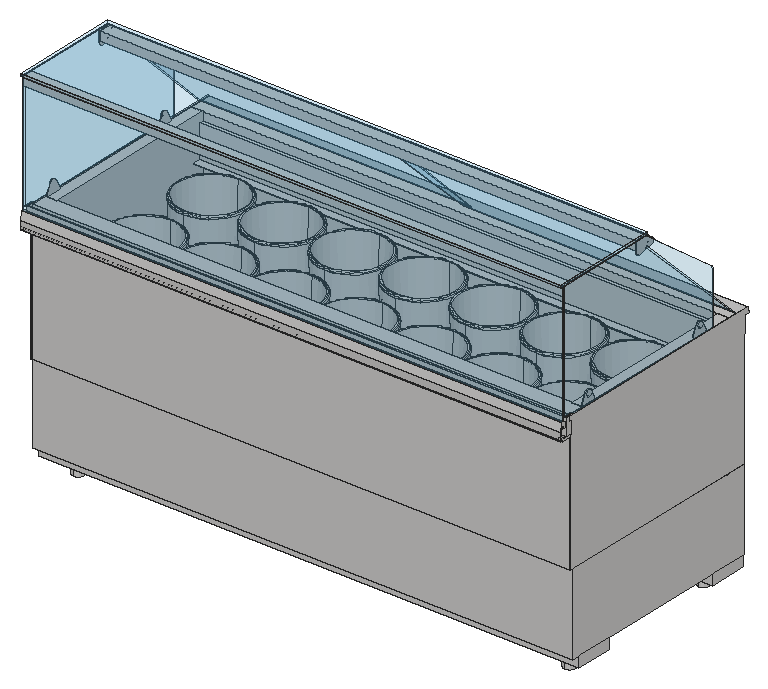
Revit family "Food-Service-Equipment_Oscartek_Gem_Ice-Cream-R4-and-S3", category Specialty Equipment, Revit 2026 (continued)
Automatic sketch dimensions
  Extrusion 30 sketch curve to Extrusion 30 sketch curve = 0.00153"
  Extrusion 30 sketch curve to Extrusion 30 sketch curve = 0.00664"
  Extrusion 30 sketch curve to Extrusion 30 sketch curve = 0.05368"
  Extrusion 30 sketch curve to plane 6 "TOP" = 0.42727"
  Extrusion 30 sketch curve to Extrusion 30 sketch curve = 0.02069"
  Extrusion 30 sketch curve to Extrusion 30 sketch curve = 0.03971"
  Extrusion 30 sketch curve to Extrusion 30 sketch curve = 0.01889"
  Extrusion 31 sketch curve to Extrusion 31 sketch curve = 0"  (x3)
  Extrusion 31 sketch curve to plane 12 = 0"
  Extrusion 31 sketch curve to plane 5 "FRONT" = 0"
  Extrusion 31 sketch curve to plane 5 "FRONT" = 0.06938"
  Extrusion 31 sketch curve to plane 5 "FRONT" = 0.07587"
  Extrusion 31 sketch curve to Extrusion 31 sketch curve = 0.03437"  (x2)
  Extrusion 31 sketch curve to plane 5 "FRONT" = 0.1175"
  Extrusion 31 sketch curve to plane 17 = 0.06499"
  Extrusion 31 sketch curve to plane 5 "FRONT" = 0.14003"
  plane 17 to Extrusion 31 sketch curve = 0.01816"
  Extrusion 31 sketch curve to Extrusion 31 sketch curve = 0.00793"
  Extrusion 31 sketch curve to Extrusion 31 sketch curve = 0.05188"
  Extrusion 31 sketch curve to plane 5 "FRONT" = 0.20663"
  Extrusion 31 sketch curve to Extrusion 31 sketch curve = 0.01278"
  Extrusion 31 sketch curve to Extrusion 31 sketch curve = 0.03407"
  Extrusion 31 sketch curve to plane 5 "FRONT" = 0.25357"
  Extrusion 31 sketch curve to Extrusion 31 sketch curve = 0.01276"
  Extrusion 31 sketch curve to Extrusion 31 sketch curve = 0.10056"
  Extrusion 31 sketch curve to Extrusion 31 sketch curve = 0.04675"
  Extrusion 31 sketch curve to Extrusion 31 sketch curve = 0.07572"
  Extrusion 31 sketch curve to Extrusion 31 sketch curve = 0.1731"
  Extrusion 31 sketch curve to plane 12 = 0.18995"
  Extrusion 31 sketch curve to Extrusion 31 sketch curve = 0.01907"
  Extrusion 31 sketch curve to Extrusion 31 sketch curve = 0.13384"
  Extrusion 31 sketch curve to Extrusion 31 sketch curve = 0.18696"
  Extrusion 31 sketch curve to Extrusion 31 sketch curve = 0.10755"
  Extrusion 31 sketch curve to plane 14 = 0.53135"
  Extrusion 31 sketch curve to Extrusion 31 sketch curve = 0.02039"
  Extrusion 31 sketch curve to Extrusion 31 sketch curve = 0.22589"
  Extrusion 31 sketch curve to plane 14 = 0.53113"
  Extrusion 31 sketch curve to Extrusion 31 sketch curve = 0.05893"  (x2)
  Extrusion 31 sketch curve to Extrusion 31 sketch curve = 0.28363"
  Extrusion 31 sketch curve to Extrusion 31 sketch curve = 0.06122"
  Extrusion 31 sketch curve to plane 17 = 0.06715"
  Extrusion 31 sketch curve to Extrusion 31 sketch curve = 0.09871"
  Extrusion 31 sketch curve to plane 12 = 0.31832"
  Extrusion 31 sketch curve to plane 18 = 0.22334"
  plane 18 to Extrusion 31 sketch curve = 0.0213"
  plane 18 to Extrusion 31 sketch curve = 0.46219"
  Extrusion 31 sketch curve to plane 14 = 97/256"
  Extrusion 31 sketch curve to plane 1 "BACK" = 5.70897"
  Extrusion 31 sketch curve to plane 14 = 0.2917"
  Extrusion 31 sketch curve to plane 14 = 0.2215"
  Extrusion 31 sketch curve to Extrusion 31 sketch curve = 0.00227"
  Extrusion 31 sketch curve to Extrusion 31 sketch curve = 0.06912"
  Extrusion 31 sketch curve to Extrusion 31 sketch curve = 0.06881"
  Extrusion 31 sketch curve to Extrusion 31 sketch curve = 0.01016"
  Extrusion 31 sketch curve to Extrusion 31 sketch curve = 0.1096"
  Extrusion 31 sketch curve to Extrusion 31 sketch curve = 0.00343"
  Extrusion 31 sketch curve to Extrusion 31 sketch curve = 0.32637"
  Extrusion 31 sketch curve to Extrusion 31 sketch curve = 0.00511"
  plane 17 to Extrusion 31 sketch curve = 0.28917"
  plane 17 to Extrusion 31 sketch curve = 0.29346"
  Extrusion 31 sketch curve to Extrusion 31 sketch curve = 0.05905"
  Extrusion 31 sketch curve to Extrusion 31 sketch curve = 0.1574"
  Extrusion 31 sketch curve to Extrusion 31 sketch curve = 0.00014"
  Extrusion 31 sketch curve to Extrusion 31 sketch curve = 0.08809"
  Extrusion 31 sketch curve to Extrusion 31 sketch curve = 0.06313"
  Extrusion 31 sketch curve to plane 5 "FRONT" = 0.13462"
  Extrusion 31 sketch curve to Extrusion 31 sketch curve = 0.15098"
  plane 18 to Extrusion 32 sketch curve = 0.54814"
  Extrusion 32 sketch curve to plane 5 "FRONT" = 0.66027"
  Extrusion 32 sketch curve to Extrusion 32 sketch curve = 0.05901"
  Extrusion 32 sketch curve to plane 6 "TOP" = 1.76443"
  Extrusion 32 sketch curve to plane 6 "TOP" = 0.48626"
  Extrusion 32 sketch curve to Extrusion 32 sketch curve = 0.059"
  Extrusion 33 sketch curve to plane 6 "TOP" = 0"
  Extrusion 33 sketch curve to plane 18 = 0.03939"
  plane 8 "Center X" to Extrusion 33 sketch curve = 2.1959"
  Extrusion 33 sketch curve to plane 6 "TOP" = 0.42727"
  Extrusion 34 sketch curve to plane 12 = 0"
  Extrusion 34 sketch curve to plane 18 = 0"
  plane 1 "BACK" to Extrusion 34 sketch curve = 1.96131"
  Extrusion 34 sketch curve to plane 6 "TOP" = 0.37444"
  Extrusion 35 sketch curve to plane 18 = 0"
  Extrusion 35 sketch curve to plane 12 = 0"
  plane 1 "BACK" to Extrusion 35 sketch curve = 1.96131"
  Extrusion 35 sketch curve to plane 6 "TOP" = 0.37444"
  Extrusion 36 sketch curve to Extrusion 36 sketch curve = 0"  (x8)
  Extrusion 36 sketch curve to plane 6 "TOP" = 0.64695"
  plane 8 "Center X" to Extrusion 36 sketch curve = 2.73964"
  Extrusion 36 sketch curve to plane 6 "TOP" = 0.78303"
  Extrusion 36 sketch curve to Extrusion 36 sketch curve = 0.09325"  (x2)
  Extrusion 36 sketch curve to plane 6 "TOP" = 0.85561"
  Extrusion 36 sketch curve to Extrusion 36 sketch curve = 0.01218"  (x2)
  Extrusion 36 sketch curve to Extrusion 36 sketch curve = 0.06204"
  Extrusion 36 sketch curve to Extrusion 36 sketch curve = 0.36765"  (x2)
  Extrusion 36 sketch curve to plane 6 "TOP" = 0.83951"
  Extrusion 36 sketch curve to Extrusion 36 sketch curve = 0.10288"  (x2)
  Extrusion 36 sketch curve to plane 6 "TOP" = 0.90419"
  Extrusion 36 sketch curve to Extrusion 36 sketch curve = 1/256"  (x2)
  Extrusion 36 sketch curve to Extrusion 36 sketch curve = 0.11797"  (x2)
  Extrusion 36 sketch curve to Extrusion 36 sketch curve = 0.0071"  (x2)
  Extrusion 36 sketch curve to Extrusion 36 sketch curve = 0.14383"
  Extrusion 36 sketch curve to Extrusion 36 sketch curve = 0.03024"
  Extrusion 36 sketch curve to Extrusion 36 sketch curve = 0.08333"
  Extrusion 36 sketch curve to Extrusion 36 sketch curve = 0.06439"
  Extrusion 36 sketch curve to Extrusion 36 sketch curve = 0.10378"
  Extrusion 36 sketch curve to Extrusion 36 sketch curve = 0.00012"
  Extrusion 36 sketch curve to Extrusion 36 sketch curve = 0.10402"
  Extrusion 36 sketch curve to Extrusion 36 sketch curve = 0.17746"
  Extrusion 36 sketch curve to Extrusion 36 sketch curve = 0.03522"
  Extrusion 36 sketch curve to Extrusion 36 sketch curve = 0.06569"
  Extrusion 36 sketch curve to Extrusion 36 sketch curve = 0.06854"
  Extrusion 36 sketch curve to Extrusion 36 sketch curve = 0.06016"
  Extrusion 36 sketch curve to Extrusion 36 sketch curve = 0.01508"  (x2)
  Extrusion 36 sketch curve to Extrusion 36 sketch curve = 3/128"
  Extrusion 36 sketch curve to Extrusion 36 sketch curve = 0.06882"  (x2)
  Extrusion 36 sketch curve to Extrusion 36 sketch curve = 0.45367"
  Extrusion 36 sketch curve to Extrusion 36 sketch curve = 0.18681"
  plane 8 "Center X" to Extrusion 36 sketch curve = 0.48517"
  Extrusion 36 sketch curve to Extrusion 36 sketch curve = 0.08849"
  Extrusion 36 sketch curve to Extrusion 36 sketch curve = 0.01671"
  Extrusion 36 sketch curve to Extrusion 36 sketch curve = 0.01164"
  Extrusion 36 sketch curve to Extrusion 36 sketch curve = 0.0179"
  Extrusion 36 sketch curve to Extrusion 36 sketch curve = 0.50022"
  Extrusion 36 sketch curve to Extrusion 36 sketch curve = 0.05909"
  Extrusion 36 sketch curve to Extrusion 36 sketch curve = 0.01182"
  Extrusion 36 sketch curve to Extrusion 36 sketch curve = 0.01625"
  Extrusion 36 sketch curve to Extrusion 36 sketch curve = 0.03925"
  Extrusion 36 sketch curve to Extrusion 36 sketch curve = 0.09173"  (x2)
  Extrusion 36 sketch curve to Extrusion 36 sketch curve = 0.13787"  (x2)
  Extrusion 36 sketch curve to Extrusion 36 sketch curve = 0.13608"
  Extrusion 36 sketch curve to Extrusion 36 sketch curve = 0.07612"
  Extrusion 36 sketch curve to Extrusion 36 sketch curve = 0.02608"
  Extrusion 36 sketch curve to Extrusion 36 sketch curve = 0.10082"
  Extrusion 36 sketch curve to Extrusion 36 sketch curve = 0.07257"
  Extrusion 36 sketch curve to Extrusion 36 sketch curve = 0.06469"
  Extrusion 36 sketch curve to Extrusion 36 sketch curve = 0.03901"
  Extrusion 36 sketch curve to Extrusion 36 sketch curve = 0.28741"
  Extrusion 36 sketch curve to Extrusion 36 sketch curve = 0.1479"
  Extrusion 36 sketch curve to Extrusion 36 sketch curve = 0.02744"
  Extrusion 36 sketch curve to Extrusion 36 sketch curve = 0.0709"
  Extrusion 36 sketch curve to Extrusion 36 sketch curve = 0.11938"
  Extrusion 36 sketch curve to plane 6 "TOP" = 0.42727"
  Extrusion 36 sketch curve to Extrusion 36 sketch curve = 0.04236"
  Extrusion 36 sketch curve to Extrusion 36 sketch curve = 0.03971"
  Extrusion 37 sketch curve to plane 6 "TOP" = 0.88329"
  plane 8 "Center X" to Extrusion 37 sketch curve = 2.63689"
  Extrusion 37 sketch curve to Extrusion 37 sketch curve = 0.00591"
  Extrusion 37 sketch curve to Extrusion 37 sketch curve = 11.66692"
  Extrusion 37 sketch curve to Extrusion 37 sketch curve = 0.23627"
  Extrusion 37 sketch curve to Extrusion 37 sketch curve = 12.06807"
  Extrusion 37 sketch curve to Extrusion 37 sketch curve = 0.07145"
  Extrusion 38 sketch curve to plane 6 "TOP" = 1.66307"
  plane 8 "Center X" to Extrusion 38 sketch curve = 2.48195"
  Extrusion 38 sketch curve to Extrusion 38 sketch curve = 0.00524"
  Extrusion 38 sketch curve to Extrusion 38 sketch curve = 11.31401"
  Extrusion 38 sketch curve to Extrusion 38 sketch curve = 0.23629"
  Extrusion 38 sketch curve to Extrusion 38 sketch curve = 11.65274"
  Extrusion 38 sketch curve to Extrusion 38 sketch curve = 0.02758"
  Extrusion 39 sketch curve to plane 18 = 0"
  Extrusion 39 sketch curve to plane 6 "TOP" = 0.42727"
  plane 18 to Extrusion 39 sketch curve = 7/16"
  Extrusion 39 sketch curve to plane 12 = 0"
  Split face 1 sketch curve to Extrusion 21 = 0.1248"
  Split face 1 sketch curve to Extrusion 21 = 199/256"
  radius of Extrusion 17 to Extrusion 16 sketch curve = 0.07873"  (x2)
  radius of Extrusion 17 sketch curve = 0.39365"
  radius of Extrusion 17 sketch curve = 0.39328"
  radius of Extrusion 19 to Extrusion 18 sketch curve = 0.07873"  (x2)
  radius of Extrusion 19 sketch curve = 0.39365"
  radius of Extrusion 19 sketch curve = 0.39328"
  radius of Extrusion 24 sketch curve = 1.2789"
  radius of Extrusion 26 sketch curve = 1/2"  (x2)
  radius of Extrusion 26 sketch curve = 3/8"
Nested families (in)
  nested 1: "OSCARTEK" at (3.42189, -4.98439, 0), type "OSCARTEK"
    with Type Mark "", Status "", Specification by User "", Revision Code "", Item Number "", Installed By "", Identify Quantity as Lot yes, Furnished By "", Foodservice Equipment Identifier yes
  nested 2: "OSCARTEK" at (3.42189, -17.23439, 0), type "OSCARTEK"
    with Type Mark "", Status "", Specification by User "", Revision Code "", Item Number "", Installed By "", Identify Quantity as Lot yes, Furnished By "", Foodservice Equipment Identifier yes
  nested 3: "OSCARTEK" at (65.17189, -4.98439, 0), type "OSCARTEK"
    with Type Mark "", Status "", Specification by User "", Revision Code "", Item Number "", Installed By "", Identify Quantity as Lot yes, Furnished By "", Foodservice Equipment Identifier yes
  nested 4: "OSCARTEK" at (65.17189, -17.23439, 0), type "OSCARTEK"
    with Type Mark "", Status "", Specification by User "", Revision Code "", Item Number "", Installed By "", Identify Quantity as Lot yes, Furnished By "", Foodservice Equipment Identifier yes
  nested 5: "OSCARTEK" at (13.71356, -4.98439, 0), type "OSCARTEK"
    with Type Mark "", Status "", Specification by User "", Revision Code "", Item Number "", Installed By "", Identify Quantity as Lot yes, Furnished By "", Foodservice Equipment Identifier yes
  nested 6: "OSCARTEK" at (13.71356, -17.23439, 0), type "OSCARTEK"
    with Type Mark "", Status "", Specification by User "", Revision Code "", Item Number "", Installed By "", Identify Quantity as Lot yes, Furnished By "", Foodservice Equipment Identifier yes
  nested 7: "OSCARTEK" at (24.00522, -4.98439, 0), type "OSCARTEK"
    with Type Mark "", Status "", Specification by User "", Revision Code "", Item Number "", Installed By "", Identify Quantity as Lot yes, Furnished By "", Foodservice Equipment Identifier yes
  nested 8: "OSCARTEK" at (24.00522, -17.23439, 0), type "OSCARTEK"
    with Type Mark "", Status "", Specification by User "", Revision Code "", Item Number "", Installed By "", Identify Quantity as Lot yes, Furnished By "", Foodservice Equipment Identifier yes
  nested 9: "OSCARTEK" at (34.29689, -4.98439, 0), type "OSCARTEK"
    with Type Mark "", Status "", Specification by User "", Revision Code "", Item Number "", Installed By "", Identify Quantity as Lot yes, Furnished By "", Foodservice Equipment Identifier yes
  nested 10: "OSCARTEK" at (34.29689, -17.23439, 0), type "OSCARTEK"
    with Type Mark "", Status "", Specification by User "", Revision Code "", Item Number "", Installed By "", Identify Quantity as Lot yes, Furnished By "", Foodservice Equipment Identifier yes
  nested 11: "OSCARTEK" at (44.58856, -4.98439, 0), type "OSCARTEK"
    with Type Mark "", Status "", Specification by User "", Revision Code "", Item Number "", Installed By "", Identify Quantity as Lot yes, Furnished By "", Foodservice Equipment Identifier yes
  nested 12: "OSCARTEK" at (44.58856, -17.23439, 0), type "OSCARTEK"
    with Type Mark "", Status "", Specification by User "", Revision Code "", Item Number "", Installed By "", Identify Quantity as Lot yes, Furnished By "", Foodservice Equipment Identifier yes
  nested 13: "OSCARTEK" at (54.88022, -4.98439, 0), type "OSCARTEK"
    with Type Mark "", Status "", Specification by User "", Revision Code "", Item Number "", Installed By "", Identify Quantity as Lot yes, Furnished By "", Foodservice Equipment Identifier yes
  nested 14: "OSCARTEK" at (54.88022, -17.23439, 0), type "OSCARTEK"
    with Type Mark "", Status "", Specification by User "", Revision Code "", Item Number "", Installed By "", Identify Quantity as Lot yes, Furnished By "", Foodservice Equipment Identifier yes
Connectors (in)
  piping at (6.04006, -17.125, 3.53979), diameter 1, driven by "Indirect Waste Size"
    settings: on Extrusion 26, index 2, connector inside diameter 24", connector length 0", flow factor 0, pipe flow 0 GPM, pressure drop 0.00 psi, fitting loss kfactor 0, connector angle 0.00°, fixture units 0, engagement length 0", angle of deflection 0.00°, flow configuration 1, flow direction 2, fitting loss method 0, system type 16, joint type 0, gender type 0, connector reference index -1, connector utility 0, adjustable connector no, is connector primary yes, connector description "DRAIN"
  electrical at (74.81493, -17.125, 3.53979), driven by "Volts", driven by "Watts"
    settings: on Extrusion 26, index 3, voltage 120 V, apparent load 0 VA, apparent load phase1 0 VA, apparent load phase2 0 VA, apparent load phase3 0 VA, power factor 1, load classification "Other", number of poles 1, system type 30, power factor state 1, is connector primary yes, connector utility no, sub classification motor no, connector description "ELECTRICAL CONNECTION"
Definition of nested family "OSCARTEK"
  Parameters
    Weight in Pounds = 0
    URL Cutsheet = ""
    Type Mark [instance] = ""
    Status [instance] = ""
    Specification by User [instance] = ""
    Specification by Manufacturer = ""
    Serial Number = ""
    Seismic Rating = ""
    SMACNA No = ""
    Revision Code [instance] = ""
    Omniclass Number and Title = ""
    NAFEM Spec ID Number = ""
    Masterspec = ""
    Length = 10.15622"
    Item Number [instance] = ""
    Installed By [instance] = ""
    Identify Quantity as Lot [instance] = yes
    Height = 48"
    Furnished By [instance] = ""
    Foodservice Equipment Identifier [instance] = yes
    Depth = 10.15622"
    Default Elevation = 0"
    CSI MasterFormat = ""
    CSI Master Format = ""
  Reference planes (in)
    plane 1 "BACK": y = 0
    plane 2: z = 0
    plane 3 "LEFT": x = 0
    plane 4 "RIGHT": x = 10.15622
    plane 5 "FRONT": y = -10.15622
    plane 6 "TOP": z = 48
    plane 7 "Center Y": x = 5.07811
    plane 8 "Center X": y = -5.07811
  Forms (in)
    Revolve 1, solid
      sketch origin (5.07811, 5.14701, 0) x (0, 1, 0) y (0, 0, 1)
        loop
          line (-10.22512, 18.41923) -> (-10.22512, 18.16923) -> (-6.17393, 18.16923)
          arc (-6.17393, 18.16923) -> (-5.73512, 18.34725) -> (-5.54436, 18.78068) r 0.62984
          line (-5.54436, 18.78068) -> (-5.22271, 29.78916) -> (-5.14701, 29.78916) -> (-5.16739, 30.00125)
          arc (-5.16739, 30.00125) -> (-5.20371, 30.07371) -> (-5.27931, 30.10293) r 0.11244
          line (-5.27931, 30.10293) -> (-5.46365, 30.10293) -> (-5.79425, 18.78798)
          arc (-5.79425, 18.78798) -> (-5.90929, 18.52659) -> (-6.17393, 18.41923) r 0.37984
          line (-6.17393, 18.41923) -> (-10.22512, 18.41923)
        axis (-10.22512, 18.16923) -> (-10.22512, 30.10293)
      angle from 0 to 360
  Lines and regions (in)
    symbolic lines
      curve 1: circle (5.07811, -5.07811, 0) r 5.07811 normal (0, 0, -1)
  Dimensions and locks (in)
    equal spacing: plane 3 "LEFT", plane 7 "Center Y", plane 4 "RIGHT"
    "Length": plane 3 "LEFT" to plane 4 "RIGHT"
    equal spacing: plane 5 "FRONT", plane 8 "Center X", plane 1 "BACK"
    "Depth": plane 5 "FRONT" to plane 1 "BACK"
    "Height": plane 6 "TOP" to plane 2
    aligned and locked: level to plane 2
  Automatic sketch dimensions
    curve 1 to plane 7 "Center Y" = 0"
    curve 1 to plane 8 "Center X" = 0"
    Revolve 1 sketch curve to plane 8 "Center X" = 0"  (x2)
    Revolve 1 sketch curve to plane 1 "BACK" = 0"
    plane 1 "BACK" to Revolve 1 sketch curve = 0.39735"
    plane 1 "BACK" to Revolve 1 sketch curve = 0.1323"
    plane 1 "BACK" to Revolve 1 sketch curve = 0.0757"
    plane 1 "BACK" to Revolve 1 sketch curve = 0.02038"
    level to Revolve 1 sketch curve = 18.16923"
    Revolve 1 sketch curve to Revolve 1 sketch curve = 0.20133"
    Revolve 1 sketch curve to Revolve 1 sketch curve = 0.01076"
    Revolve 1 sketch curve to Revolve 1 sketch curve = 11.6837"
    Revolve 1 sketch curve to Revolve 1 sketch curve = 16.4337"
    Revolve 1 sketch curve to Revolve 1 sketch curve = 0.24094"
    Revolve 1 sketch curve to Revolve 1 sketch curve = 0.0073"
    Revolve 1 sketch curve to Revolve 1 sketch curve = 0"  (x2)
    Revolve 1 sketch curve to Revolve 1 sketch curve = 0.24989"
    Revolve 1 sketch curve to Revolve 1 sketch curve = 0.37968"
    Revolve 1 sketch curve to Revolve 1 sketch curve = 0.36145"
    Revolve 1 sketch curve to Revolve 1 sketch curve = 11.00849"
    radius of curve 1 = 5 5/64"
Types (3): name | Length | Container | Model | Electrical Panel Dimension
  GEM STATIC 1500-78_120/60/1 | 78 3/4" | 7 | "GEM STATIC 1500-78" | 28 15/16"
  GEM STATIC 1500-59_120/60/1 | 59 1/16" | 5 | "GEM STATIC 1500-59" | 22 3/8"
  GEM STATIC 1000-39_120/60/1 | 39 3/8" | 3 | "GEM STATIC 1000-39" | 17 3/8"
